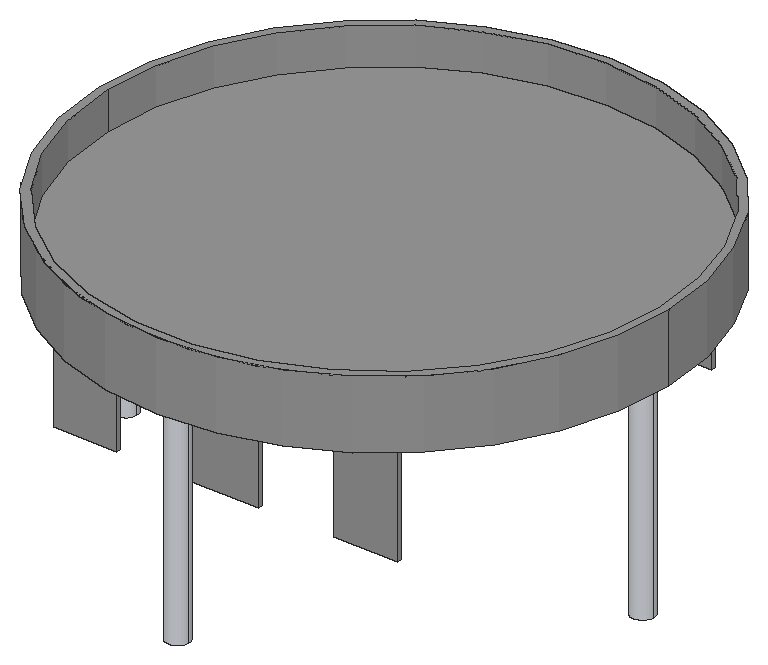
Revit family "Nivellierbare Kassette für Revisionsöffnung, RKR, 20-25, 9", category Generic Models, Revit 2015
Parameters (values of type "RKR2 9V 20")
  URL = "http://www.obo-bettermann.com"
  Material = Stainless Steel, Polished
  Manufacturer Art.No. = "7409128"
  Manufacturer = "OBO Bettermann"
  HeightCalc = if(Height < 105 mm, 105 mm, (if(Height > 155 mm, 155 mm, Height)))  # 150 mm
  Height 1 = 36.5 mm
  Height = 150 mm
  GTIN = "4012195868446"
  Diameter 1 = 295.6 mm
  Diameter = 304 mm
  Cut depth = 20 mm
  Article Type = "RKR2 9V 20"
Types (5, lengths in mm): name | Material | Manufacturer Art.No. | GTIN | Cut depth | Article Type
  (no name) | Stainless Steel, Polished | "7409128" | "4012195868446" | 20 | "RKR2 9V 20"
  RKR2 9V 20 | Stainless Steel, Polished | "7409128" | "4012195868446" | 20 | "RKR2 9V 20"
  RKR2 9V 25 | Stainless Steel | "7409130" | "4012195868484" | 25 | "RKR2 9V 25"
  RKR2 9M 20 | Brass, Soft Yellow, Welded | "7409122" | "4012195868422" | 20 | "RKR2 9M 20"
  RKR2 9M 25 | Brass, Soft Yellow, Welded | "7409124" | "4012195868439" | 25 | "RKR2 9M 25"
Reference planes
  plane 1 "Center (Front/Back)": y = 0
  plane 2: z = 0
  plane 3 "Center (Left/Right)": x = 0
  plane 4: z = 113.5
  plane 5: y = 99.5
  plane 6: y = -99.5
  plane 7: z = 150
  plane 8: z = 54.7
  plane 9: z = 130
Forms (mm)
  Extrusion 1, solid
    sketch origin (0, 0, 0) x (1, 0, 0) y (0, 1, 0)
      loop
        circle (0, 138) r 6
      loop
        circle (0, -138) r 6
      loop
        circle (-138, 0) r 6
      loop
        circle (138, 0) r 6
    from 0 to 113.5
  Extrusion 2, solid, material "Stainless Steel, Polished" <- "Material"
    sketch origin (0, 0, 0) x (1, 0, 0) y (0, 1, 0)
      loop
        line (-92, 106) -> (-92, 104) -> (-58, 104) -> (-58, 106) -> (-92, 106)
      loop
        line (-18, 106) -> (-18, 104) -> (18, 104) -> (18, 106) -> (-18, 106)
      loop
        line (58, 106) -> (58, 104) -> (92, 104) -> (92, 106) -> (58, 106)
      loop
        line (-92, -104) -> (-92, -106) -> (-58, -106) -> (-58, -104) -> (-92, -104)
      loop
        line (-18, -104) -> (-18, -106) -> (18, -106) -> (18, -104) -> (-18, -104)
      loop
        line (58, -104) -> (58, -106) -> (92, -106) -> (92, -104) -> (58, -104)
    from 54.7 to 113.5
  Extrusion 3, solid, material "Stainless Steel, Polished" <- "Material"
    sketch origin (0, 0, 0) x (1, 0, 0) y (0, 1, 0)
      loop
        circle (0, 0) r 152
    from 113.5 to 150
  Extrusion 4, void
    sketch origin (0, 0, 0) x (1, 0, 0) y (0, 1, 0)
      loop
        circle (0, 0) r 147.8
    from 130 to 150
Cuts and joins
  Extrusion 4 cuts Extrusion 1
  Extrusion 4 cuts Extrusion 2
  Extrusion 4 cuts Extrusion 3
Dimensions and locks
  "HeightCalc": plane 7 to level
  "Height 1": plane 7 to plane 4
  locked: plane 4 to plane 8 at 58.8
  "Cut depth": plane 7 to plane 9
  locked: plane 5 to plane 6 at 199
  equal spacing: plane 5, plane 1 "Center (Front/Back)", plane 6, locked at 99.5 each
  locked: plane 1 "Center (Front/Back)" to Extrusion 1 sketch curve at 138
  locked: Extrusion 1 sketch curve to plane 1 "Center (Front/Back)" at 138
  locked: Extrusion 1 sketch curve to plane 3 "Center (Left/Right)" at 138
  locked: plane 3 "Center (Left/Right)" to Extrusion 1 sketch curve at 138
  locked: Extrusion 2 sketch curve to Extrusion 2 sketch curve at 2  (x2)
  locked: Extrusion 2 sketch curve to plane 1 "Center (Front/Back)" at 104  (x2)
  locked: Extrusion 2 sketch curve to Extrusion 2 sketch curve at 34  (x4)
  locked: Extrusion 2 sketch curve to Extrusion 2 sketch curve at 116  (x2)
  equal spacing: Extrusion 2 sketch curve, plane 3 "Center (Left/Right)", Extrusion 2 sketch curve, locked at 58 each  (x2)
  locked: Extrusion 2 sketch curve to Extrusion 2 sketch curve at 36  (x2)
  equal spacing: Extrusion 2 sketch curve, plane 3 "Center (Left/Right)", Extrusion 2 sketch curve, locked at 18 each  (x2)
  "Diameter": diameter of Extrusion 3 sketch curve
  "Diameter 1": diameter of Extrusion 4 sketch curve
  diameter of Extrusion 1 sketch curve = 12 mm  (x4)
  aligned and locked: level to plane 2
  aligned and locked: plane 4 to Extrusion 1
  aligned and locked: Extrusion 1 to Extrusion 2
  aligned and locked: Extrusion 2 to plane 8
  aligned and locked: Extrusion 3 to Extrusion 1
  aligned and locked: plane 7 to Extrusion 3
  aligned and locked: cut or joined group of Extrusion 3, Extrusion 4 to Extrusion 4
  aligned and locked: Extrusion 4 to plane 9
  aligned and locked: Extrusion 2 sketch curve to Extrusion 2 sketch curve  (x8)
Automatic sketch dimensions
  Extrusion 1 sketch curve to plane 3 "Center (Left/Right)" = 0 mm  (x2)
  plane 1 "Center (Front/Back)" to Extrusion 1 sketch curve = 0 mm  (x2)
  plane 1 "Center (Front/Back)" to Extrusion 4 sketch curve = 0 mm
  Extrusion 4 sketch curve to plane 3 "Center (Left/Right)" = 0 mm
  plane 1 "Center (Front/Back)" to Extrusion 3 sketch curve = 0 mm
  Extrusion 3 sketch curve to plane 3 "Center (Left/Right)" = 0 mm
